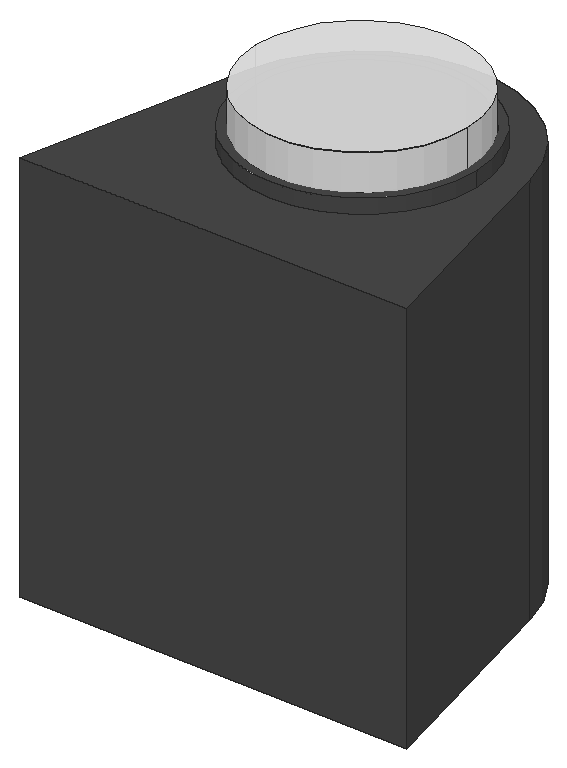
Revit family "3-764-xx Rico Wall Sconce", category Luminarias, Revit 2021
Family settings
  Anfitrión = Muro
  Cota de conector redondo = Diámetro de uso
  Tipo de pieza = Normal
  Número OmniClass = 23.80.70.00
  Título OmniClass = Lighting
  Siempre vertical = Sí
  Corte con vacíos al cargar = No
  Origen de luz = Sí
  Compartido = No
  Punto de cálculo de habitación = No
Parameters (values of type "3-764-15 / Black - Matte White Acrylic")
  Ángulo de inclinación = 90.00°  # constant formula
  Elevación por defecto = 0.00"
  Comentarios de vataje = "1 x 14 W at 120 V"  # constant formula
  Wattage = 27.11 W
  built-in parameter 1150110 = 1 (stored number, unit not read)
  Voltage Input = "120 V or 277 V - 50/60 Hz"  # constant formula
  Voltage = 120 V
  URL = "www.oxygenlighting.com"
  built-in parameter 1114217 = 1 (stored number, unit not read)
  built-in parameter 1150109 = 1 (stored number, unit not read)
  built-in parameter 1150134 = (empty or 0)
  built-in parameter 1150113 = 1 (stored number, unit not read)
  References = "Ref. 3 = 120 V / Ref. 37 = 277 V"  # constant formula
  Modelo = "3-764-xx / Rico Wall Sconce"  # constant formula
  Metal Finish = 15 - Black
  Fabricante = "Oxygen Lighting and Fans"  # constant formula
  Lumens = 1976.32 lm
  built-in parameter 1150115 = 1 (stored number, unit not read)
  built-in parameter 1150105 = 157.27 (stored number, unit not read)
  built-in parameter 1150137 = (empty or 0)
  built-in parameter 1150139 = (empty or 0)
  built-in parameter 1150112 = 1 (stored number, unit not read)
  built-in parameter 1150114 = 1 (stored number, unit not read)
  Lámpara = "LED Array"  # constant formula
  built-in parameter 1150132 = (empty or 0)
  built-in parameter 1150102 = (empty or 0)
  built-in parameter 1150138 = (empty or 0)
  built-in parameter 1150107 = 3000 (stored number, unit not read)
  built-in parameter 1150106 = 1.5727 (stored number, unit not read)
  Height = 16.00"
  built-in parameter 1150104 = 6.7726 (stored number, unit not read)
  Cambio de temperatura de color de luz atenuada = <Ninguno>
  Diffusers = Matte White Acrylic
  Color Filter = 16777215
  built-in parameter 1114218 = 1 (stored number, unit not read)
  Archivo de red fotométrica = "3-764-24 Rico Sconce.ies"
  built-in parameter 1150133 = 10 (stored number, unit not read)
Types (2): name | Wattage | Metal Finish | Lumens | built-in parameter 1150105 | built-in parameter 1150106 | built-in parameter 1150104
  3-764-24 / Satin Nickel - Matte White Acrylic | 14.08 W | 24 - Satin Nickel | 868.736 lm | 69.132 (stored number, unit not read) | 0.69132 (stored number, unit not read) | 5.7321 (stored number, unit not read)
  3-764-15 / Black - Matte White Acrylic | 27.11 W | 15 - Black | 1976.32 lm | 157.27 (stored number, unit not read) | 1.5727 (stored number, unit not read) | 6.7726 (stored number, unit not read)
Reference planes (in)
  plane 1: y = 0
  plane 2 "Light Source Axis (L/R)": x = 4.92126
  plane 3 "Light Source Axis (F/R)": y = 4.33071
  plane 4 "Light Source Elevation": z = 42.56114
  plane 5: y = 2.95276
Text (in)
  text "Placement side" at (-70.3598, 43.96769, 0), in view "Ref. Level"
  text "Placement side" at (0, 83.08644, 117.56134), in view "Left"
  text "Placement side" at (0, 24.74324, 118.58137), in view "Right"
Dimensions and locks (in)
  locked: plane 3 "Light Source Axis (F/R)" to plane 5 at 1.37795
  locked: plane 4 "Light Source Elevation" to nested 1 at 2.24438
  aligned and locked: plane 1 to host wall
  aligned and locked: plane 2 "Light Source Axis (L/R)" to imposter light
  aligned and locked: plane 5 to host wall
  aligned and locked: plane 5 to nested 1
  aligned and locked: plane 4 "Light Source Elevation" to imposter light
  aligned and locked: imposter light to plane 3 "Light Source Axis (F/R)"
  aligned and locked: nested 1 to plane 2 "Light Source Axis (L/R)"
Nested families (in)
  nested 1: "Family2" at (4.92126, 2.95276, 42.56114) x (-1, 0, 0) z (0, 0, 1), type "Family2"
Definition of nested family "Family2"
  Parameters (values of type "Family2")
    Metal Finish 2 = none
    Metal Finish 1 = none
    Met = none
    Height = 16.00"
    Default Elevation = 0.00"
    Diffuser = none
  Reference planes (in)
    plane 1 "Center (Front/Back)": y = 0
    plane 2: z = 0
    plane 3 "Center (Left/Right)": x = 0
  Forms (in)
    Extrusion 1, solid, material <- "Metal Finish 1"
      sketch origin (0, 0, 0) x (1, 0, 0) y (0, 1, 0)
        loop
          line (-2.20281, 0) -> (-1.60313, -2.50562)
          arc (-1.60313, -2.50562) -> (0.00297, -3.77561) -> (1.60906, -2.50563) r 1.65057
          line (1.60906, -2.50563) -> (2.20281, 0) -> (-2.20281, 0)
        loop
          circle (0.00297, -2.12503) r 1.30811
      from -2.24438 to 2.24437
    Extrusion 2, solid, material <- "Metal Finish 1"
      sketch origin (0, 0, 0) x (1, 0, 0) y (0, 1, 0)
        loop
          circle (0.00297, -2.12503) r 1.30811
        loop
          circle (0.00297, -2.12503) r 1.20811
      from -2.40469 to 2.40469
    Extrusion 3, solid, material <- "Diffuser"
      sketch origin (0, 0, 0) x (1, 0, 0) y (0, 1, 0)
        loop
          circle (0.00297, -2.12503) r 1.20811
      from -2.8025 to 2.80844
  Lines and regions (in)
    symbolic lines
      curve 1: line (0, 0, 0) -> (0, -3.75, 0)
      curve 2: line (0, -3.75, 0) -> (48, -3.75, 0)
  Dimensions and locks (in)
    aligned and locked: level to plane 2
